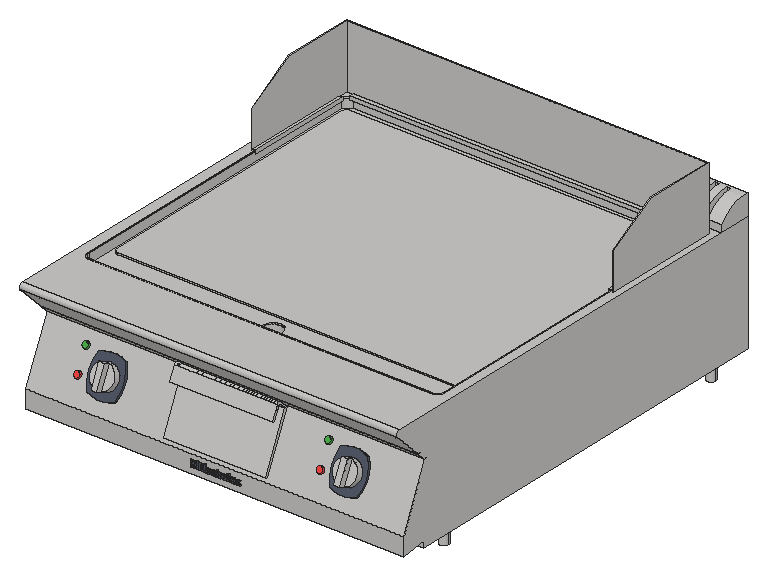
Revit family "QF_ELECTROLUXPROFESSIONAL_391399_E9IINIAOMEA", category Specialty Equipment, Revit 2018
Family settings
  Round Connector Dimension = Use Diameter
  Part Type = Normal
  Work Plane-Based = No
  Always vertical = Yes
  Cut with Voids When Loaded = No
  Shared = No
  Room Calculation Point = No
Parameters
  Width = 800 mm  # constant formula
  Weight in Pounds = 105  # constant formula
  Watts = 15000 VA  # 15000 W
  Volts = 230 V  # constant formula
  URL Cutsheet = "www.electrolux.com"
  URL = "www.electrolux.com"
  Type Mark [instance] = ""
  Status [instance] = ""
  Specification by User [instance] = ""
  Specification by Manufacturer = ""
  Show Logo [instance] = yes
  Show Clearance [instance] = yes
  Serial Number = ""
  Seismic Rating = ""
  SMACNA No = ""
  Revision Code [instance] = ""
  Phase = 3
  Omniclass Number and Title = ""
  Number of Poles [instance] = 1
  NAFEM Spec ID Number = ""
  Model = "391173"
  Min Ckt Ampacity = 0 A
  Max Overcurrent Protection = 0 A
  Masterspec = ""
  Manufacturer = "ELECTROLUX"
  Item Number [instance] = ""
  Installed By [instance] = ""
  Identify Quantity as Lot [instance] = yes
  Height = 410 mm  # constant formula
  HP = "20.1 HP"
  Furnished By [instance] = ""
  Foodservice Equipment Identifier [instance] = yes
  FL Amps = if(Phase = 3, Watts / (Volts * 1.73), Watts / Volts)  # 37.6979 A
  Electrical Remarks [instance] = "230 V/3 ph/50/60 Hz"  # constant formula
  Electric Connection Type [instance] = ""
  Elec Conn RI Height [instance] = 0 mm
  Elec Conn Connection Height [instance] = 0 mm
  Direct Waste Size = 0"
  Description = "900XP FULL MODULE ELECTRIC FRY TOP,SMOOTH HORIZONTAL PLATE, MILD STEEL -230 V"
  Depth = 930 mm  # constant formula
  Cycle = if([60 Hertz Option], 60 Hz, 50 Hz)  # 50 Hz
  Conn Plug = ""
  Conn Conduit = yes
  CSI MasterFormat = ""
  CSI Master Format = ""
  Apparent Power = if(Phase = 3, Volts * FL Amps * 1.73, Volts * FL Amps)  # 15000 VA
  60 Hertz Option = not([50 Hertz Option])  # no
  50 Hertz Option = yes
Reference planes
  plane 1 "BACK": y = 0
  plane 2: z = 0
  plane 3 "LEFT": x = 0
  plane 4 "RIGHT": x = 800
  plane 5 "FRONT": y = -930
  plane 6 "TOP": z = 275
  plane 7 "Center Y": x = 400
  plane 8 "Center X": y = -465
  plane 9: y = -1045
  plane 10: z = 24
  plane 11: z = 290
  plane 12: z = 410
  plane 13: x = 11
  plane 14: x = 789
Forms (mm)
  Extrusion 1, solid, material "QF_Finishes_Stainless Steel"
    sketch origin (0, 0, 0) x (0, 1, 0) y (0, 0, 1)
      loop
        line (0, 275) -> (-922.686, 275)
        arc (-922.686, 275) -> (-929.443, 270.485) -> (-927.858, 262.514) r 7.314
        line (-927.858, 262.514) -> (-873.907, 208.563) -> (-865.773, 208.563) -> (-865.773, 206.447) -> (-871.79, 206.447) -> (-858.907, 193.563) -> (-850.773, 193.563) -> (-850.773, 191.447) -> (-856.79, 191.447) -> (-913.146, 69.003) -> (-913.146, 30.903) -> (-859.774, 36.513) -> (-859.774, 24) -> (0, 24) -> (0, 275)
    from 0 to 800
  Extrusion 2, solid, material "QF_Finishes_Stainless Steel"
    sketch origin (0, -1, 0) x (1, 0, 0) y (0, 1, 0)
      loop
        circle (11, -82) r 9.525
      loop
        circle (11, -790) r 9.525
      loop
        circle (789, -82) r 9.525
      loop
        circle (789, -790) r 9.525
    from 0 to 24
  Extrusion 3, solid, material "QF_Finishes_Stainless Steel"
    sketch origin (635, 190.152, 275) x (0, -1, 0) y (1, 0, 0)
      loop
        line (273.542, 147.97) -> (273.542, -617.97) -> (275.13, -617.97) -> (275.13, 147.97) -> (273.542, 147.97)
    from 0 to 135
  Extrusion 4, void
    sketch origin (0, 0, 275) x (0, -1, 0) y (1, 0, 0)
      loop
        arc (92.539, 37.03) -> (96.932, 26.423) -> (107.539, 22.03) r 15
        line (107.539, 22.03) -> (777.539, 22.03)
        arc (777.539, 22.03) -> (788.145, 26.423) -> (792.539, 37.03) r 15
        line (792.539, 37.03) -> (792.539, 762.97)
        arc (792.539, 762.97) -> (788.145, 773.577) -> (777.539, 777.97) r 15
        line (777.539, 777.97) -> (107.539, 777.97)
        arc (107.539, 777.97) -> (96.932, 773.577) -> (92.539, 762.97) r 15
        line (92.539, 762.97) -> (92.539, 37.03)
    from 0 to -21.588
  Sweep 5, solid, material "QF_Finishes_Stainless Steel"
    path origin (0, 0, 0) x (1, 0, 0) y (0, 1, 0)
      loop
        line (22.03, -107.539) -> (22.03, -777.539)
        arc (22.03, -777.539) -> (26.423, -788.145) -> (37.03, -792.539) r 15
        line (37.03, -792.539) -> (762.97, -792.539)
        arc (762.97, -792.539) -> (773.577, -788.145) -> (777.97, -777.539) r 15
        line (777.97, -777.539) -> (777.97, -107.539)
        arc (777.97, -107.539) -> (773.577, -96.932) -> (762.97, -92.539) r 15
        line (762.97, -92.539) -> (37.03, -92.539)
        arc (37.03, -92.539) -> (26.423, -96.932) -> (22.03, -107.539) r 15
    profile origin (22.03, -442.539, 0) x (1, 0, 0) y (0, 0, 1)
      loop
        line (0, 255) -> (1.588, 255) -> (1.588, 272.855)
        arc (1.588, 272.855) -> (1.147, 274.189) -> (0, 275) r 2.242
        line (0, 275) -> (0, 255)
  Extrusion 6, solid, material "QF_Finishes_Stainless Steel"
    sketch origin (0, 0, 0) x (1, 0, 0) y (0, 0, 1)
      loop
        line (17.03, 275.856) -> (23.926, 275.856) -> (23.926, 270.856) -> (25.514, 270.856) -> (25.514, 277.444) -> (17.03, 277.444) -> (17.03, 275.856)
      loop
        line (782.97, 275.856) -> (782.97, 277.444) -> (774.486, 277.444) -> (774.486, 270.856) -> (776.074, 270.856) -> (776.074, 275.856) -> (782.97, 275.856)
    from 105.541 to 335.39
  Extrusion 7, solid, material "QF_Finishes_Stainless Steel"
    sketch origin (0, 0, 0) x (0, 1, 0) y (0, 0, 1)
      loop
        line (-94.126, 270.856) -> (-94.126, 275.856) -> (-84.978, 275.856) -> (-84.978, 277.444) -> (-95.714, 277.444) -> (-95.714, 270.856) -> (-94.126, 270.856)
    from 32.03 to 767.97
  Extrusion 8, solid, material "QF_Finishes_Stainless Steel"
    sketch origin (0, -101.6, 24) x (-1, 0, 0) y (0, 1, 0)
      loop
        circle (-740, -482.4) r 6.35
    from 0 to 5
  Extrusion 9, solid, material "QF_Clearances", visible <- "Show Clearance", detail levels coarse
    sketch origin (0, 0, 0) x (1, 0, 0) y (0, 1, 0)
      loop
        line (0, 0) -> (800, 0) -> (800, -930) -> (900, -930) -> (900, 100) -> (-100, 100) -> (-100, -930) -> (0, -930) -> (0, 0)
    from 0 to 410
  Extrusion 10, solid, material "QF_Finishes_Stainless Steel"
    sketch origin (0, 0, 0) x (0, 1, 0) y (0, 0, 1)
      loop
        line (-792.539, 255) -> (-792.539, 253.413) -> (-92.539, 253.413) -> (-92.539, 255) -> (-792.539, 255)
    from 22.03 to 777.97
  Extrusion 11, solid, material "QF_Finishes_Stainless Steel"
    sketch origin (408.514, 0, 0) x (0, 1, 0) y (0, 0, 1)
      loop
        line (-858.205, 188.372) -> (-874.612, 204.778)
        arc (-874.612, 204.778) -> (-879.079, 206.181) -> (-882.783, 203.316) r 5.058
        line (-882.783, 203.316) -> (-895.445, 175.806) -> (-892.561, 174.479) -> (-879.899, 201.989)
        arc (-879.899, 201.989) -> (-878.52, 203.055) -> (-876.857, 202.533) r 1.883
        line (-876.857, 202.533) -> (-862.014, 187.69) -> (-912.848, 77.245) -> (-909.964, 75.918) -> (-858.205, 188.372)
    from -117.029 to 100
  Extrusion 12, solid, material "QF_Door-Drawer Clearances", visible <- "Show Clearance", detail levels coarse
    sketch origin (408.514, 0, 0) x (0, 1, 0) y (0, 0, 1)
      loop
        line (-1024.713, 174.479) -> (-1012.051, 201.989)
        arc (-1012.051, 201.989) -> (-1010.672, 203.055) -> (-1009.009, 202.533) r 1.883
        line (-1009.009, 202.533) -> (-994.166, 187.69) -> (-1045, 77.245) -> (-1042.116, 75.918) -> (-909.964, 75.918) -> (-858.205, 188.372) -> (-874.612, 204.778)
        arc (-874.612, 204.778) -> (-875.847, 205.685) -> (-877.298, 206.181) r 5.058
        line (-877.298, 206.181) -> (-1011.231, 206.181)
        arc (-1011.231, 206.181) -> (-1013.435, 205.203) -> (-1014.935, 203.316) r 5.058
        line (-1014.935, 203.316) -> (-1027.597, 175.806) -> (-1024.713, 174.479)
    from -117.029 to 100
  Extrusion 13, void
    sketch origin (328.121, 0, 0) x (1, 0, 0) y (0, 1, 0)
      loop
        circle (71.879, -758.736) r 20
    from 235.859 to 256.719
  Extrusion 14, solid, material "QF_Finishes_Stainless Steel"
    sketch origin (0, 0, 0) x (0, 1, 0) y (0, 0, 1)
      loop
        line (-83.39, 410) -> (-235.39, 410) -> (-335.39, 352.265) -> (-335.39, 275) -> (-83.39, 275) -> (-83.39, 410)
    from 15.442 to 17.03
  Extrusion 15, solid, material "QF_Finishes_Stainless Steel"
    sketch origin (23.617, -107.539, 255) x (-1, 0, 0) y (0, 1, 0)
      loop
        arc (-18.412, -615) -> (-11.341, -612.071) -> (-8.412, -605) r 10
        line (-8.412, -605) -> (-8.412, -7.867)
        arc (-8.412, -7.867) -> (-11.341, -0.796) -> (-18.412, 2.133) r 10
        line (-18.412, 2.133) -> (-734.353, 2.133)
        arc (-734.353, 2.133) -> (-741.425, -0.796) -> (-744.353, -7.867) r 10
        line (-744.353, -7.867) -> (-744.353, -605)
        arc (-744.353, -605) -> (-741.425, -612.071) -> (-734.353, -615) r 10
        line (-734.353, -615) -> (-18.412, -615)
    from 0 to -2
  Extrusion 16, solid, material "QF_Finishes_Navy Blue"
    sketch origin (302.956, -912.449, 70.59) x (0, 0.419232, 0.907879) y (-1, 0, 0)
      loop
        arc (102.26, -332.62) -> (66.843, -325.139) -> (31.333, -332.16) r 90.355
        arc (31.333, -332.16) -> (24.504, -361.269) -> (31.333, -390.378) r 65.456
        arc (31.333, -390.378) -> (66.877, -399.452) -> (102.26, -389.765) r 71.728
        arc (102.26, -389.765) -> (108.852, -361.193) -> (102.26, -332.62) r 65.22
    from 0 to 3.175
  Extrusion 17, solid, material "QF_Finishes_Stainless Steel"
    sketch origin (504.206, -916.163, 70.121) x (0, 0.419232, 0.907879) y (-1, 0, 0)
      loop
        circle (68.826, -160.963) r 25.4
    from 0 to 12.7
  Extrusion 18, solid, material "QF_Finishes_Stainless Steel"
    sketch origin (504.206, -927.693, 75.445) x (0, 0.419232, 0.907879) y (-1, 0, 0)
      loop
        arc (93.558, -166.749) -> (94.226, -160.963) -> (93.558, -155.177) r 25.4
        line (93.558, -155.177) -> (44.094, -155.177)
        arc (44.094, -155.177) -> (43.426, -160.963) -> (44.094, -166.749) r 25.4
        line (44.094, -166.749) -> (93.558, -166.749)
    from 0 to 12.7
  Extrusion 19, solid, material "QF_Finishes_Green"
    sketch origin (316.698, -908.494, 79.155) x (0, 0.419232, 0.907879) y (-1, 0, 0)
      loop
        circle (94.749, -290.848) r 6.35
    from 0 to 3.175
  Extrusion 20, solid, material "QF_Finishes_Red"
    sketch origin (316.698, -930.457, 31.593) x (0, 0.419232, 0.907879) y (-1, 0, 0)
      loop
        circle (95.112, -290.848) r 6.35
    from 0 to 3.175
  Extrusion 21, solid, material "QF_Finishes_Stainless Steel"
    sketch origin (800, 0, 0) x (0, 1, 0) y (0, 0, -1)
      loop
        line (-83.39, -410) -> (-83.39, -275) -> (-335.39, -275) -> (-335.39, -352.265) -> (-235.39, -410) -> (-83.39, -410)
    from 15.442 to 17.03
  Extrusion 22, solid, material "QF_Finishes_Navy Blue"
    sketch origin (-212.044, -912.449, 70.59) x (0, 0.419232, 0.907879) y (-1, 0, 0)
      loop
        arc (102.26, -332.62) -> (66.843, -325.139) -> (31.333, -332.16) r 90.355
        arc (31.333, -332.16) -> (24.504, -361.269) -> (31.333, -390.378) r 65.456
        arc (31.333, -390.378) -> (66.877, -399.452) -> (102.26, -389.765) r 71.728
        arc (102.26, -389.765) -> (108.852, -361.193) -> (102.26, -332.62) r 65.22
    from 0 to 3.175
  Extrusion 23, solid, material "QF_Finishes_Stainless Steel"
    sketch origin (-10.794, -916.163, 70.121) x (0, 0.419232, 0.907879) y (-1, 0, 0)
      loop
        circle (68.826, -160.963) r 25.4
    from 0 to 12.7
  Extrusion 24, solid, material "QF_Finishes_Stainless Steel"
    sketch origin (-10.794, -927.693, 75.445) x (0, 0.419232, 0.907879) y (-1, 0, 0)
      loop
        arc (93.558, -166.749) -> (94.226, -160.963) -> (93.558, -155.177) r 25.4
        line (93.558, -155.177) -> (44.094, -155.177)
        arc (44.094, -155.177) -> (43.426, -160.963) -> (44.094, -166.749) r 25.4
        line (44.094, -166.749) -> (93.558, -166.749)
    from 0 to 12.7
  Extrusion 25, solid, material "QF_Finishes_Green"
    sketch origin (-198.302, -908.494, 79.155) x (0, 0.419232, 0.907879) y (-1, 0, 0)
      loop
        circle (94.749, -290.848) r 6.35
    from 0 to 3.175
  Extrusion 26, solid, material "QF_Finishes_Red"
    sketch origin (-198.302, -930.457, 31.593) x (0, 0.419232, 0.907879) y (-1, 0, 0)
      loop
        circle (95.112, -290.848) r 6.35
    from 0 to 3.175
  Extrusion 27, solid, material "QF_Finishes_Stainless Steel"
    sketch origin (0, 0, -10.038) x (0, 1, 0) y (0, 0, 1)
      loop
        line (0, 285.038) -> (0, 331.738)
        arc (0, 331.738) -> (-38.857, 324.552) -> (-69.85, 300.038) r 82.056
        line (-69.85, 300.038) -> (-69.85, 285.038) -> (0, 285.038)
    from 0 to 400
  Extrusion 28, void
    sketch origin (0, 0, 264.6) x (0, -1, 0) y (1, 0, 0)
      loop
        line (6.761, 29.703) -> (63.911, 29.703) -> (63.911, 38.999) -> (6.761, 38.999) -> (6.761, 29.703)
      loop
        line (63.911, 64.487) -> (6.761, 64.487) -> (6.761, 55.191) -> (63.911, 55.191) -> (63.911, 64.487)
      loop
        line (63.911, 89.975) -> (6.761, 89.975) -> (6.761, 80.68) -> (63.911, 80.68) -> (63.911, 89.975)
      loop
        line (63.911, 115.464) -> (6.761, 115.464) -> (6.761, 106.168) -> (63.911, 106.168) -> (63.911, 115.464)
      loop
        line (63.911, 140.952) -> (6.761, 140.952) -> (6.761, 131.656) -> (63.911, 131.656) -> (63.911, 140.952)
      loop
        line (63.911, 166.44) -> (6.761, 166.44) -> (6.761, 157.145) -> (63.911, 157.145) -> (63.911, 166.44)
      loop
        line (63.911, 191.929) -> (6.761, 191.929) -> (6.761, 182.633) -> (63.911, 182.633) -> (63.911, 191.929)
      loop
        line (63.911, 217.417) -> (6.761, 217.417) -> (6.761, 208.121) -> (63.911, 208.121) -> (63.911, 217.417)
      loop
        line (63.911, 242.905) -> (6.761, 242.905) -> (6.761, 233.61) -> (63.911, 233.61) -> (63.911, 242.905)
      loop
        line (63.911, 268.394) -> (6.761, 268.394) -> (6.761, 259.098) -> (63.911, 259.098) -> (63.911, 268.394)
      loop
        line (63.911, 293.882) -> (6.761, 293.882) -> (6.761, 284.586) -> (63.911, 284.586) -> (63.911, 293.882)
      loop
        line (63.911, 319.37) -> (6.761, 319.37) -> (6.761, 310.075) -> (63.911, 310.075) -> (63.911, 319.37)
      loop
        line (63.911, 344.859) -> (6.761, 344.859) -> (6.761, 335.563) -> (63.911, 335.563) -> (63.911, 344.859)
      loop
        line (63.911, 370.347) -> (6.761, 370.347) -> (6.761, 361.051) -> (63.911, 361.051) -> (63.911, 370.347)
    from 25.4 to 63.5
  Extrusion 29, solid, material "QF_Finishes_Stainless Steel"
    sketch origin (800, 0, -10.038) x (0, 1, 0) y (0, 0, -1)
      loop
        line (0, -285.038) -> (-69.85, -285.038) -> (-69.85, -300.038)
        arc (-69.85, -300.038) -> (-38.857, -324.552) -> (0, -331.738) r 82.056
        line (0, -331.738) -> (0, -285.038)
    from 0 to 400
  Extrusion 30, void
    sketch origin (800, 0, 264.6) x (0, -1, 0) y (1, 0, 0)
      loop
        line (6.761, -29.703) -> (6.761, -38.999) -> (63.911, -38.999) -> (63.911, -29.703) -> (6.761, -29.703)
      loop
        line (63.911, -64.487) -> (63.911, -55.191) -> (6.761, -55.191) -> (6.761, -64.487) -> (63.911, -64.487)
      loop
        line (63.911, -89.975) -> (63.911, -80.68) -> (6.761, -80.68) -> (6.761, -89.975) -> (63.911, -89.975)
      loop
        line (63.911, -115.464) -> (63.911, -106.168) -> (6.761, -106.168) -> (6.761, -115.464) -> (63.911, -115.464)
      loop
        line (63.911, -140.952) -> (63.911, -131.656) -> (6.761, -131.656) -> (6.761, -140.952) -> (63.911, -140.952)
      loop
        line (63.911, -166.44) -> (63.911, -157.145) -> (6.761, -157.145) -> (6.761, -166.44) -> (63.911, -166.44)
      loop
        line (63.911, -191.929) -> (63.911, -182.633) -> (6.761, -182.633) -> (6.761, -191.929) -> (63.911, -191.929)
      loop
        line (63.911, -217.417) -> (63.911, -208.121) -> (6.761, -208.121) -> (6.761, -217.417) -> (63.911, -217.417)
      loop
        line (63.911, -242.905) -> (63.911, -233.61) -> (6.761, -233.61) -> (6.761, -242.905) -> (63.911, -242.905)
      loop
        line (63.911, -268.394) -> (63.911, -259.098) -> (6.761, -259.098) -> (6.761, -268.394) -> (63.911, -268.394)
      loop
        line (63.911, -293.882) -> (63.911, -284.586) -> (6.761, -284.586) -> (6.761, -293.882) -> (63.911, -293.882)
      loop
        line (63.911, -319.37) -> (63.911, -310.075) -> (6.761, -310.075) -> (6.761, -319.37) -> (63.911, -319.37)
      loop
        line (63.911, -344.859) -> (63.911, -335.563) -> (6.761, -335.563) -> (6.761, -344.859) -> (63.911, -344.859)
      loop
        line (63.911, -370.347) -> (63.911, -361.051) -> (6.761, -361.051) -> (6.761, -370.347) -> (63.911, -370.347)
    from 25.4 to 63.5
  Extrusion 31, solid, material "QF_Finishes_Navy Blue", visible <- "Show Logo"
    sketch origin (204.371, -913.146, 30.903) x (0, 0, 1) y (-1, 0, 0)
      loop
        line (27.024, -154.438) -> (14.657, -154.438)
        arc (14.657, -154.438) -> (20.841, -159.009) -> (27.024, -154.438) r 6.467
      loop
        arc (27.024, -153.809) -> (25.855, -148.666) -> (21.199, -146.188) r 6.338
        line (21.199, -146.188) -> (21.199, -148.234)
        arc (21.199, -148.234) -> (22.683, -151.889) -> (26.128, -153.809) r 5.941
        line (26.128, -153.809) -> (27.024, -153.809)
      loop
        arc (15.553, -153.809) -> (18.998, -151.889) -> (20.482, -148.234) r 5.941
        line (20.482, -148.234) -> (20.482, -146.188)
        arc (20.482, -146.188) -> (15.788, -148.662) -> (14.498, -153.809) r 6.504
        line (14.498, -153.809) -> (15.553, -153.809)
      loop
        line (27.699, -145.719) -> (13.954, -145.719) -> (13.954, -159.482) -> (27.699, -159.482) -> (27.699, -145.719)
      loop
        arc (27.782, -162.449) -> (27.435, -162.092) -> (27.068, -162.43) r 0.358
        arc (27.068, -162.43) -> (26.754, -163.18) -> (26.037, -163.565) r 1.216
        line (26.037, -163.565) -> (15.624, -163.565)
        arc (15.624, -163.565) -> (14.964, -163.287) -> (14.568, -162.691) r 1.238
        arc (14.568, -162.691) -> (14.173, -162.44) -> (13.868, -162.794) r 0.358
        line (13.868, -162.794) -> (13.868, -172.673) -> (16.619, -172.673) -> (16.619, -171.776)
        arc (16.619, -171.776) -> (15.71, -171.196) -> (15.254, -170.219) r 1.928
        line (15.254, -170.219) -> (15.254, -167.719)
        arc (15.254, -167.719) -> (15.53, -166.991) -> (16.218, -166.627) r 1.101
        line (16.218, -166.627) -> (20.305, -166.627) -> (20.305, -170.3)
        arc (20.305, -170.3) -> (19.952, -170.797) -> (19.387, -171.025) r 1.083
        arc (19.387, -171.025) -> (19.123, -171.331) -> (19.415, -171.609) r 0.292
        line (19.415, -171.609) -> (22.378, -171.609)
        arc (22.378, -171.609) -> (22.68, -171.336) -> (22.442, -171.006) r 0.305
        arc (22.442, -171.006) -> (21.951, -170.758) -> (21.646, -170.3) r 1.083
        line (21.646, -170.3) -> (21.646, -166.627) -> (26.323, -166.627) -> (26.323, -170.374)
        arc (26.323, -170.374) -> (26.109, -171.13) -> (25.503, -171.628) r 1.314
        arc (25.503, -171.628) -> (25.284, -172.032) -> (25.638, -172.324) r 0.361
        line (25.638, -172.324) -> (27.782, -172.324) -> (27.782, -162.449)
      loop
        arc (27.065, -173.105) -> (26.685, -174.023) -> (25.766, -174.404) r 1.299
        line (25.766, -174.404) -> (16.187, -174.404)
        arc (16.187, -174.404) -> (15.349, -174.026) -> (15.078, -173.148) r 1.118
        line (15.078, -173.148) -> (13.868, -173.148) -> (13.868, -178.498) -> (15.056, -178.498)
        arc (15.056, -178.498) -> (15.328, -177.581) -> (16.198, -177.185) r 1.153
        line (16.198, -177.185) -> (28.27, -177.185) -> (27.065, -173.105)
      loop
        line (18.833, -181.134) -> (18.833, -187.581) -> (19.632, -187.581)
        arc (19.632, -187.581) -> (22.212, -186.597) -> (23.481, -184.143) r 3.874
        line (23.481, -184.143) -> (23.481, -182.383)
        arc (23.481, -182.383) -> (22.294, -179.518) -> (19.43, -178.332) r 4.051
        line (19.43, -178.332) -> (17.422, -178.332)
        arc (17.422, -178.332) -> (14.603, -179.816) -> (13.552, -182.824) r 4.352
        arc (13.552, -182.824) -> (13.916, -185.287) -> (15.293, -187.361) r 5.713
        line (15.293, -187.361) -> (16.242, -187.361)
        arc (16.242, -187.361) -> (15.51, -185.792) -> (15.293, -184.074) r 5.579
        arc (15.293, -184.074) -> (16.087, -182.111) -> (17.966, -181.134) r 3.057
        line (17.966, -181.134) -> (18.833, -181.134)
      loop
        line (20.092, -181.134) -> (20.092, -184.716)
        arc (20.092, -184.716) -> (21.549, -184.763) -> (22.432, -183.604) r 1.59
        line (22.432, -183.604) -> (22.432, -182.774)
        arc (22.432, -182.774) -> (21.567, -181.519) -> (20.092, -181.134) r 2.184
      loop
        arc (22.883, -196.999) -> (23.372, -195.325) -> (23.529, -193.588) r 9.023
        line (23.529, -193.588) -> (23.529, -192.225)
        arc (23.529, -192.225) -> (22.37, -189.426) -> (19.57, -188.266) r 3.959
        line (19.57, -188.266) -> (16.97, -188.266)
        arc (16.97, -188.266) -> (14.688, -189.559) -> (13.571, -191.932) r 4.331
        line (13.571, -191.932) -> (13.571, -194.067)
        arc (13.571, -194.067) -> (14.079, -195.617) -> (15.001, -196.963) r 5.772
        arc (15.001, -196.963) -> (15.762, -197.014) -> (15.849, -196.255) r 0.553
        arc (15.849, -196.255) -> (15.461, -195.521) -> (15.327, -194.702) r 2.573
        line (15.327, -194.702) -> (15.327, -193.187)
        arc (15.327, -193.187) -> (16.333, -191.545) -> (18.148, -190.903) r 2.884
        line (18.148, -190.903) -> (19.427, -190.903)
        arc (19.427, -190.903) -> (21.248, -191.463) -> (22.174, -193.128) r 2.554
        line (22.174, -193.128) -> (22.174, -194.181)
        arc (22.174, -194.181) -> (21.843, -195.109) -> (21.186, -195.844) r 2.564
        arc (21.186, -195.844) -> (20.964, -196.561) -> (21.573, -196.999) r 0.643
        line (21.573, -196.999) -> (22.883, -196.999)
      loop
        line (21.865, -197.269) -> (21.865, -198.77) -> (15.817, -198.77)
        arc (15.817, -198.77) -> (14.229, -199.428) -> (13.571, -201.016) r 2.246
        line (13.571, -201.016) -> (13.571, -202.6)
        arc (13.571, -202.6) -> (13.885, -203.464) -> (14.385, -204.236) r 4.06
        arc (14.385, -204.236) -> (15.118, -204.369) -> (15.369, -203.668) r 0.576
        arc (15.369, -203.668) -> (15.263, -203.142) -> (15.327, -202.61) r 1.69
        arc (15.327, -202.61) -> (15.869, -201.822) -> (16.775, -201.519) r 1.506
        line (16.775, -201.519) -> (21.913, -201.519) -> (21.913, -203.916) -> (22.469, -204.472) -> (23.291, -204.472) -> (23.291, -201.612) -> (26.522, -201.612) -> (21.865, -197.269)
      loop
        line (13.788, -205.37) -> (13.788, -210.757) -> (14.898, -210.757)
        arc (14.898, -210.757) -> (15.292, -209.806) -> (16.243, -209.412) r 1.345
        line (16.243, -209.412) -> (19.859, -209.412)
        arc (19.859, -209.412) -> (20.624, -210.003) -> (20.914, -210.926) r 1.615
        line (20.914, -210.926) -> (20.914, -212.482) -> (23.469, -213.167) -> (23.469, -211.784) -> (21.527, -209.225) -> (23.407, -209.225) -> (23.123, -206.519)
        arc (23.123, -206.519) -> (22.683, -205.989) -> (22.024, -206.19) r 0.621
        arc (22.024, -206.19) -> (21.624, -206.532) -> (21.13, -206.715) r 1.501
        line (21.13, -206.715) -> (16.243, -206.715)
        arc (16.243, -206.715) -> (15.292, -206.321) -> (14.898, -205.37) r 1.345
        line (14.898, -205.37) -> (13.788, -205.37)
      loop
        line (19.89, -212.704) -> (17.198, -212.704)
        arc (17.198, -212.704) -> (14.753, -214.012) -> (13.619, -216.542) r 4.288
        arc (13.619, -216.542) -> (13.555, -217.923) -> (13.619, -219.303) r 15.022
        arc (13.619, -219.303) -> (14.753, -221.833) -> (17.198, -223.141) r 4.288
        line (17.198, -223.141) -> (19.89, -223.141)
        arc (19.89, -223.141) -> (22.336, -221.833) -> (23.469, -219.303) r 4.288
        arc (23.469, -219.303) -> (23.533, -217.923) -> (23.469, -216.542) r 15.022
        arc (23.469, -216.542) -> (22.336, -214.012) -> (19.89, -212.704) r 4.288
      loop
        line (20.095, -215.818) -> (16.993, -215.818)
        arc (16.993, -215.818) -> (14.836, -217.975) -> (16.993, -220.132) r 2.157
        line (16.993, -220.132) -> (20.095, -220.132)
        arc (20.095, -220.132) -> (22.252, -217.975) -> (20.095, -215.818) r 2.157
      loop
        arc (27.076, -222.999) -> (26.705, -223.893) -> (25.811, -224.264) r 1.264
        line (25.811, -224.264) -> (15.947, -224.264)
        arc (15.947, -224.264) -> (15.077, -223.867) -> (14.805, -222.951) r 1.153
        line (14.805, -222.951) -> (13.868, -222.951) -> (13.868, -228.059) -> (14.796, -228.059)
        arc (14.796, -228.059) -> (15.155, -227.287) -> (15.947, -226.972) r 1.153
        line (15.947, -226.972) -> (28.27, -226.972) -> (27.076, -222.999)
      loop
        arc (22.196, -227.596) -> (21.997, -228.661) -> (21.028, -229.143) r 1.215
        line (21.028, -229.143) -> (16.008, -229.143)
        arc (16.008, -229.143) -> (14.393, -229.79) -> (13.672, -231.373) r 2.338
        line (13.672, -231.373) -> (13.672, -232.888)
        arc (13.672, -232.888) -> (13.847, -233.892) -> (14.349, -234.778) r 2.979
        line (14.349, -234.778) -> (13.868, -236.574) -> (13.868, -238.263) -> (23.293, -238.263) -> (22.999, -234.06) -> (22.213, -234.06)
        arc (22.213, -234.06) -> (21.857, -234.896) -> (21.105, -235.405) r 1.605
        line (21.105, -235.405) -> (16.002, -235.405)
        arc (16.002, -235.405) -> (15.582, -234.468) -> (15.509, -233.444) r 2.94
        arc (15.509, -233.444) -> (16.07, -232.343) -> (17.223, -231.9) r 1.724
        line (17.223, -231.9) -> (23.42, -231.9) -> (22.196, -227.596)
      loop
        line (23.224, -239.117) -> (21.552, -241.163) -> (18.378, -243.469) -> (14.922, -240.357)
        arc (14.922, -240.357) -> (14.685, -239.963) -> (14.707, -239.504) r 0.789
        line (14.707, -239.504) -> (13.868, -239.504) -> (13.868, -243.049) -> (14.694, -243.049)
        arc (14.694, -243.049) -> (15.036, -242.687) -> (15.526, -242.779) r 0.52
        line (15.526, -242.779) -> (17.326, -244.25) -> (15.208, -245.625)
        arc (15.208, -245.625) -> (14.807, -245.315) -> (14.72, -244.816) r 0.7
        line (14.72, -244.816) -> (13.868, -244.816) -> (13.868, -250.743) -> (14.755, -250.743)
        arc (14.755, -250.743) -> (14.822, -250.084) -> (15.216, -249.552) r 1.247
        line (15.216, -249.552) -> (19.416, -246.271) -> (21.863, -248.325) -> (23.224, -250.067) -> (23.224, -246.343) -> (21.739, -246.766) -> (20.218, -245.489) -> (21.918, -244.299) -> (23.224, -245.075) -> (23.224, -239.117)
    from 0 to 1.644
Cuts and joins
  Extrusion 4, Extrusion 13 cuts Extrusion 1
  Extrusion 13 cuts Extrusion 10
  joined: Extrusion 3, Extrusion 14, Extrusion 21
  Extrusion 28, Extrusion 30 cuts Extrusion 27
  Extrusion 30 cuts Extrusion 29
Lines and regions (mm)
  symbolic lines, style "QF_Clearances", visible <- "Show Clearance", detail levels coarse
    curve 1: line (900, -930, 0) -> (900, 100, 0)
    curve 2: line (900, 100, 0) -> (-100, 100, 0)
    curve 3: line (-100, 100, 0) -> (-100, -930, 0)
  symbolic lines
    curve 4: line (0, -930, 0) -> (800, -930, 0)
    curve 5: line (800, -930, 0) -> (800, 0, 0)
    curve 6: line (800, 0, 0) -> (0, 0, 0)
    curve 7: line (0, 0, 0) -> (0, -930, 0)
    curve 8: line (762.97, -792.539, 0) -> (37.03, -792.539, 0)
    curve 9: arc (37.03, -792.539, 0) -> (26.423, -788.145, 0) -> (22.03, -777.539, 0) r 15
    curve 10: line (22.03, -777.539, 0) -> (22.03, -335.39, 0)
    curve 11: arc (22.163, -105.541, 0) -> (25.387, -98.081, 0) -> (32.03, -93.397, 0) r 15
    curve 12: arc (767.97, -93.397, 0) -> (774.613, -98.081, 0) -> (777.837, -105.541, 0) r 15
    curve 13: line (777.97, -335.39, 0) -> (777.97, -777.539, 0)
    curve 14: arc (777.97, -777.539, 0) -> (773.577, -788.145, 0) -> (762.97, -792.539, 0) r 15
    curve 15: line (757.97, -722.539, 0) -> (42.03, -722.539, 0)
    curve 16: arc (42.03, -722.539, 0) -> (34.958, -719.61, 0) -> (32.03, -712.539, 0) r 10
    curve 17: line (32.03, -712.539, 0) -> (32.03, -115.406, 0)
    curve 18: arc (32.03, -115.406, 0) -> (34.958, -108.335, 0) -> (42.03, -105.406, 0) r 10
    curve 19: line (42.03, -105.406, 0) -> (757.97, -105.406, 0)
    curve 20: arc (757.97, -105.406, 0) -> (765.042, -108.335, 0) -> (767.97, -115.406, 0) r 10
    curve 21: line (767.97, -115.406, 0) -> (767.97, -712.539, 0)
    curve 22: arc (767.97, -712.539, 0) -> (765.042, -719.61, 0) -> (757.97, -722.539, 0) r 10
    curve 23: line (15.442, -83.39, 0) -> (15.442, -335.39, 0)
    curve 24: line (784.558, -83.39, 0) -> (15.442, -83.39, 0)
    curve 25: line (784.558, -335.39, 0) -> (784.558, -83.39, 0)
    curve 26: line (767.97, -95.714, 0) -> (767.97, -83.39, 0)
    curve 27: line (32.03, -95.714, 0) -> (767.97, -95.714, 0)
    curve 28: line (32.03, -83.39, 0) -> (32.03, -95.714, 0)
    curve 29: line (784.558, -105.541, 0) -> (774.486, -105.541, 0)
    curve 30: line (25.514, -335.39, 0) -> (25.514, -105.541, 0)
    curve 31: line (15.442, -335.39, 0) -> (25.514, -335.39, 0)
    curve 32: line (774.486, -105.541, 0) -> (774.486, -335.39, 0)
    curve 33: line (774.486, -335.39, 0) -> (784.558, -335.39, 0)
    curve 34: line (25.514, -105.541, 0) -> (15.442, -105.541, 0)
    curve 35: line (38.999, -6.761, 0) -> (38.999, -63.911, 0)
    curve 36: line (38.999, -63.911, 0) -> (29.703, -63.911, 0)
    curve 37: line (29.703, -63.911, 0) -> (29.703, -6.761, 0)
    curve 38: line (29.703, -6.761, 0) -> (38.999, -6.761, 0)
    curve 39: line (55.191, -63.911, 0) -> (55.191, -6.761, 0)
    curve 40: line (55.191, -6.761, 0) -> (64.487, -6.761, 0)
    curve 41: line (64.487, -6.761, 0) -> (64.487, -63.911, 0)
    curve 42: line (64.487, -63.911, 0) -> (55.191, -63.911, 0)
    curve 43: line (89.975, -6.761, 0) -> (89.975, -63.911, 0)
    curve 44: line (89.975, -63.911, 0) -> (80.68, -63.911, 0)
    curve 45: line (80.68, -63.911, 0) -> (80.68, -6.761, 0)
    curve 46: line (80.68, -6.761, 0) -> (89.975, -6.761, 0)
    curve 47: line (115.464, -6.761, 0) -> (115.464, -63.911, 0)
    curve 48: line (115.464, -63.911, 0) -> (106.168, -63.911, 0)
    curve 49: line (106.168, -63.911, 0) -> (106.168, -6.761, 0)
    curve 50: line (106.168, -6.761, 0) -> (115.464, -6.761, 0)
    curve 51: line (140.952, -6.761, 0) -> (140.952, -63.911, 0)
    curve 52: line (140.952, -63.911, 0) -> (131.656, -63.911, 0)
    curve 53: line (131.656, -63.911, 0) -> (131.656, -6.761, 0)
    curve 54: line (131.656, -6.761, 0) -> (140.952, -6.761, 0)
    curve 55: line (166.44, -6.761, 0) -> (166.44, -63.911, 0)
    curve 56: line (166.44, -63.911, 0) -> (157.145, -63.911, 0)
    curve 57: line (157.145, -63.911, 0) -> (157.145, -6.761, 0)
    curve 58: line (157.145, -6.761, 0) -> (166.44, -6.761, 0)
    curve 59: line (191.929, -6.761, 0) -> (191.929, -63.911, 0)
    curve 60: line (191.929, -63.911, 0) -> (182.633, -63.911, 0)
    curve 61: line (182.633, -63.911, 0) -> (182.633, -6.761, 0)
    curve 62: line (182.633, -6.761, 0) -> (191.929, -6.761, 0)
    curve 63: line (208.121, -63.911, 0) -> (208.121, -6.761, 0)
    curve 64: line (208.121, -6.761, 0) -> (217.417, -6.761, 0)
    curve 65: line (217.417, -6.761, 0) -> (217.417, -63.911, 0)
    curve 66: line (217.417, -63.911, 0) -> (208.121, -63.911, 0)
    curve 67: line (767.97, -83.39, 0) -> (767.97, -95.714, 0)
    curve 68: line (361.001, -6.761, 0) -> (361.001, -63.911, 0)
    curve 69: line (361.001, -63.911, 0) -> (370.297, -63.911, 0)
    curve 70: line (370.297, -63.911, 0) -> (370.297, -6.761, 0)
    curve 71: line (370.297, -6.761, 0) -> (361.001, -6.761, 0)
    curve 72: line (344.809, -63.911, 0) -> (344.809, -6.761, 0)
    curve 73: line (344.809, -6.761, 0) -> (335.513, -6.761, 0)
    curve 74: line (335.513, -6.761, 0) -> (335.513, -63.911, 0)
    curve 75: line (335.513, -63.911, 0) -> (344.809, -63.911, 0)
    curve 76: line (310.025, -6.761, 0) -> (310.025, -63.911, 0)
    curve 77: line (310.025, -63.911, 0) -> (319.32, -63.911, 0)
    curve 78: line (319.32, -63.911, 0) -> (319.32, -6.761, 0)
    curve 79: line (319.32, -6.761, 0) -> (310.025, -6.761, 0)
    curve 80: line (284.536, -6.761, 0) -> (284.536, -63.911, 0)
    curve 81: line (284.536, -63.911, 0) -> (293.832, -63.911, 0)
    curve 82: line (293.832, -63.911, 0) -> (293.832, -6.761, 0)
    curve 83: line (293.832, -6.761, 0) -> (284.536, -6.761, 0)
    curve 84: line (259.048, -6.761, 0) -> (259.048, -63.911, 0)
    curve 85: line (259.048, -63.911, 0) -> (268.344, -63.911, 0)
    curve 86: line (268.344, -63.911, 0) -> (268.344, -6.761, 0)
    curve 87: line (268.344, -6.761, 0) -> (259.048, -6.761, 0)
    curve 88: line (233.56, -6.761, 0) -> (233.56, -63.911, 0)
    curve 89: line (233.56, -63.911, 0) -> (242.855, -63.911, 0)
    curve 90: line (242.855, -63.911, 0) -> (242.855, -6.761, 0)
    curve 91: line (242.855, -6.761, 0) -> (233.56, -6.761, 0)
    curve 92: arc (380, -758.736, 0) -> (400, -738.736, 0) -> (420, -758.736, 0) r 20
    curve 93: arc (380, -758.736, 0) -> (400, -778.736, 0) -> (420, -758.736, 0) r 20
    curve 94: arc (777.837, -105.541, 0) -> (774.613, -98.081, 0) -> (767.97, -93.397, 0) r 15
    curve 95: arc (767.97, -115.406, 0) -> (765.042, -108.335, 0) -> (757.97, -105.406, 0) r 10
    curve 96: line (767.97, -83.39, 0) -> (767.97, -95.714, 0)
    curve 97: line (761.001, -6.761, 0) -> (761.001, -63.911, 0)
    curve 98: line (761.001, -63.911, 0) -> (770.297, -63.911, 0)
    curve 99: line (770.297, -63.911, 0) -> (770.297, -6.761, 0)
    curve 100: line (770.297, -6.761, 0) -> (761.001, -6.761, 0)
    curve 101: line (744.809, -63.911, 0) -> (744.809, -6.761, 0)
    curve 102: line (744.809, -6.761, 0) -> (735.513, -6.761, 0)
    curve 103: line (735.513, -6.761, 0) -> (735.513, -63.911, 0)
    curve 104: line (735.513, -63.911, 0) -> (744.809, -63.911, 0)
    curve 105: line (710.025, -6.761, 0) -> (710.025, -63.911, 0)
    curve 106: line (710.025, -63.911, 0) -> (719.32, -63.911, 0)
    curve 107: line (719.32, -63.911, 0) -> (719.32, -6.761, 0)
    curve 108: line (719.32, -6.761, 0) -> (710.025, -6.761, 0)
    curve 109: line (684.536, -6.761, 0) -> (684.536, -63.911, 0)
    curve 110: line (684.536, -63.911, 0) -> (693.832, -63.911, 0)
    curve 111: line (693.832, -63.911, 0) -> (693.832, -6.761, 0)
    curve 112: line (693.832, -6.761, 0) -> (684.536, -6.761, 0)
    curve 113: line (659.048, -6.761, 0) -> (659.048, -63.911, 0)
    curve 114: line (659.048, -63.911, 0) -> (668.344, -63.911, 0)
    curve 115: line (668.344, -63.911, 0) -> (668.344, -6.761, 0)
    curve 116: line (668.344, -6.761, 0) -> (659.048, -6.761, 0)
    curve 117: line (633.56, -6.761, 0) -> (633.56, -63.911, 0)
    curve 118: line (633.56, -63.911, 0) -> (642.855, -63.911, 0)
    curve 119: line (642.855, -63.911, 0) -> (642.855, -6.761, 0)
    curve 120: line (642.855, -6.761, 0) -> (633.56, -6.761, 0)
    curve 121: line (608.071, -6.761, 0) -> (608.071, -63.911, 0)
    curve 122: line (608.071, -63.911, 0) -> (617.367, -63.911, 0)
    curve 123: line (617.367, -63.911, 0) -> (617.367, -6.761, 0)
    curve 124: line (617.367, -6.761, 0) -> (608.071, -6.761, 0)
    curve 125: line (591.879, -63.911, 0) -> (591.879, -6.761, 0)
    curve 126: line (591.879, -6.761, 0) -> (582.583, -6.761, 0)
    curve 127: line (582.583, -6.761, 0) -> (582.583, -63.911, 0)
    curve 128: line (582.583, -63.911, 0) -> (591.879, -63.911, 0)
    curve 129: line (438.999, -6.761, 0) -> (438.999, -63.911, 0)
    curve 130: line (438.999, -63.911, 0) -> (429.703, -63.911, 0)
    curve 131: line (429.703, -63.911, 0) -> (429.703, -6.761, 0)
    curve 132: line (429.703, -6.761, 0) -> (438.999, -6.761, 0)
    curve 133: line (455.191, -63.911, 0) -> (455.191, -6.761, 0)
    curve 134: line (455.191, -6.761, 0) -> (464.487, -6.761, 0)
    curve 135: line (464.487, -6.761, 0) -> (464.487, -63.911, 0)
    curve 136: line (464.487, -63.911, 0) -> (455.191, -63.911, 0)
    curve 137: line (489.975, -6.761, 0) -> (489.975, -63.911, 0)
    curve 138: line (489.975, -63.911, 0) -> (480.68, -63.911, 0)
    curve 139: line (480.68, -63.911, 0) -> (480.68, -6.761, 0)
    curve 140: line (480.68, -6.761, 0) -> (489.975, -6.761, 0)
    curve 141: line (515.464, -6.761, 0) -> (515.464, -63.911, 0)
    curve 142: line (515.464, -63.911, 0) -> (506.168, -63.911, 0)
    curve 143: line (506.168, -63.911, 0) -> (506.168, -6.761, 0)
    curve 144: line (506.168, -6.761, 0) -> (515.464, -6.761, 0)
    curve 145: line (540.952, -6.761, 0) -> (540.952, -63.911, 0)
    curve 146: line (540.952, -63.911, 0) -> (531.656, -63.911, 0)
    curve 147: line (531.656, -63.911, 0) -> (531.656, -6.761, 0)
    curve 148: line (531.656, -6.761, 0) -> (540.952, -6.761, 0)
    curve 149: line (566.44, -6.761, 0) -> (566.44, -63.911, 0)
    curve 150: line (566.44, -63.911, 0) -> (557.145, -63.911, 0)
    curve 151: line (557.145, -63.911, 0) -> (557.145, -6.761, 0)
    curve 152: line (557.145, -6.761, 0) -> (566.44, -6.761, 0)
  symbolic lines, style "QF_Door-Drawer Clearances"
    curve 153: line (291.486, -1045, 0) -> (291.486, -930, 0)
    curve 154: line (291.486, -1045, 0) -> (508.514, -1045, 0)
    curve 155: line (508.514, -930, 0) -> (508.514, -1045, 0)
Dimensions and locks
  equal spacing: plane 3 "LEFT", plane 7 "Center Y", plane 4 "RIGHT"
  "Width": plane 3 "LEFT" to plane 4 "RIGHT"
  equal spacing: plane 5 "FRONT", plane 8 "Center X", plane 1 "BACK"
  "Depth": plane 5 "FRONT" to plane 1 "BACK"
  plane 6 "TOP" to level = 275 mm
  plane 1 "BACK" to plane 9 = 1045 mm  (x2)
  plane 10 to level = 24 mm  (x2)
  plane 11 to plane 10 = 266 mm
  plane 6 "TOP" to plane 10 = 251 mm
  plane 12 to level = 410 mm
  plane 12 to plane 10 = 386 mm
  plane 13 to plane 3 "LEFT" = 11 mm
  locked: plane 14 to plane 4 "RIGHT" at 11
  plane 1 "BACK" to plane 5 "FRONT" = 930 mm
  "Height": plane 12 to level
  Extrusion 8 to plane 10 = 5 mm
  plane 1 "BACK" to Extrusion 8 = 584 mm
  plane 1 "BACK" to Extrusion 2 to Extrusion 2 to plane 5 "FRONT" = 83 mm, 708 mm, 139 mm
  plane 13 to plane 14 = 778 mm
  Extrusion 8 sketch curve to plane 4 "RIGHT" = 60 mm
  Extrusion 8 sketch curve to plane 1 "BACK" = 584 mm
  aligned and locked: level to plane 2
  aligned and locked: Extrusion 1 to plane 4 "RIGHT"
Automatic sketch dimensions
  Extrusion 1 sketch curve to plane 6 "TOP" = 0 mm
  Extrusion 1 sketch curve to plane 10 = 0 mm
  Extrusion 1 sketch curve to plane 1 "BACK" = 0 mm
  Extrusion 1 sketch curve to plane 5 "FRONT" = 79.227 mm
  Extrusion 1 sketch curve to Extrusion 1 sketch curve = 6.017 mm  (x2)
  Extrusion 1 sketch curve to Extrusion 1 sketch curve = 2.117 mm  (x4)
  plane 10 to Extrusion 1 sketch curve = 12.513 mm
  Extrusion 1 sketch curve to plane 5 "FRONT" = 70.226 mm
  Extrusion 1 sketch curve to Extrusion 1 sketch curve = 6.866 mm
  Extrusion 1 sketch curve to plane 5 "FRONT" = 16.854 mm
  Extrusion 1 sketch curve to plane 5 "FRONT" = 7.314 mm
  Extrusion 1 sketch curve to plane 5 "FRONT" = 2.142 mm
  plane 10 to Extrusion 1 sketch curve = 6.903 mm
  Extrusion 1 sketch curve to Extrusion 1 sketch curve = 38.1 mm
  Extrusion 1 sketch curve to plane 6 "TOP" = 83.553 mm
  Extrusion 1 sketch curve to Extrusion 1 sketch curve = 12.883 mm
  Extrusion 1 sketch curve to plane 6 "TOP" = 12.486 mm
  Extrusion 2 sketch curve to plane 13 = 0 mm  (x2)
  Extrusion 2 sketch curve to plane 14 = 0 mm  (x2)
  Extrusion 2 sketch curve to plane 5 "FRONT" = 139 mm  (x2)
  plane 1 "BACK" to Extrusion 2 sketch curve = 83 mm  (x2)
  Extrusion 1 to Extrusion 3 sketch curve = 17.03 mm  (x2)
  Extrusion 1 to Extrusion 3 sketch curve = 83.39 mm
  Extrusion 3 sketch curve to Extrusion 3 sketch curve = 1.588 mm
  Extrusion 1 to Extrusion 4 sketch curve = 37.03 mm
  Extrusion 1 to Extrusion 4 sketch curve = 92.539 mm
  Extrusion 4 sketch curve to Extrusion 4 sketch curve = 15 mm  (x3)
  Extrusion 1 to Extrusion 4 sketch curve = 145.147 mm  (x2)
  Extrusion 1 to Extrusion 4 sketch curve = 22.03 mm
  plane 13 to Sweep 5 sketch curve = 11.03 mm
  Sweep 5 sketch curve to Sweep 5 sketch curve = 15 mm  (x2)
  plane 14 to Sweep 5 sketch curve = 26.03 mm  (x2)
  plane 14 to Sweep 5 sketch curve = 11.03 mm
  Sweep 5 sketch curve to plane 5 "FRONT" = 137.461 mm
  plane 1 "BACK" to Sweep 5 sketch curve = 107.539 mm
  profile plane to Sweep 5 sketch curve = 0 mm
  profile plane to Sweep 5 sketch curve = 0.655 mm
  Sweep 5 sketch curve to profile plane = 1.588 mm
  level to Sweep 5 sketch curve = 255 mm
  Sweep 5 sketch curve to Sweep 5 sketch curve = 17.855 mm
  plane 6 "TOP" to Extrusion 6 sketch curve = 0.856 mm  (x2)
  plane 13 to Extrusion 6 sketch curve = 6.03 mm
  Extrusion 6 sketch curve to plane 6 "TOP" = 4.144 mm  (x2)
  Extrusion 6 sketch curve to Extrusion 6 sketch curve = 6.896 mm
  Extrusion 6 sketch curve to Extrusion 6 sketch curve = 1.588 mm  (x3)
  plane 14 to Extrusion 6 sketch curve = 14.514 mm
  plane 6 "TOP" to Extrusion 6 sketch curve = 2.444 mm
  plane 14 to Extrusion 6 sketch curve = 6.03 mm
  plane 6 "TOP" to Extrusion 7 sketch curve = 2.444 mm
  plane 1 "BACK" to Extrusion 7 sketch curve = 95.714 mm
  Extrusion 7 sketch curve to Extrusion 7 sketch curve = 1.588 mm
  Extrusion 7 sketch curve to Extrusion 7 sketch curve = 9.149 mm
  plane 6 "TOP" to Extrusion 7 sketch curve = 0.856 mm
  Extrusion 7 sketch curve to plane 6 "TOP" = 4.144 mm
  plane 5 "FRONT" to Extrusion 9 sketch curve = 0 mm  (x2)
  Extrusion 9 sketch curve to plane 3 "LEFT" = 0 mm
  Extrusion 9 sketch curve to plane 4 "RIGHT" = 0 mm
  plane 1 "BACK" to Extrusion 9 sketch curve = 0 mm
  Extrusion 9 sketch curve to plane 3 "LEFT" = 100 mm
  Extrusion 9 sketch curve to plane 4 "RIGHT" = 100 mm
  Extrusion 9 sketch curve to plane 1 "BACK" = 100 mm
  Extrusion 10 sketch curve to plane 6 "TOP" = 21.587 mm
  Extrusion 10 sketch curve to plane 5 "FRONT" = 137.461 mm
  plane 1 "BACK" to Extrusion 10 sketch curve = 92.539 mm
  Extrusion 10 sketch curve to Extrusion 10 sketch curve = 1.588 mm
  Extrusion 11 sketch curve to Extrusion 11 sketch curve = 0 mm  (x2)
  Extrusion 11 sketch curve to plane 5 "FRONT" = 17.152 mm
  Extrusion 11 sketch curve to Extrusion 11 sketch curve = 2.884 mm  (x3)
  Extrusion 11 sketch curve to plane 5 "FRONT" = 34.555 mm
  Extrusion 11 sketch curve to Extrusion 11 sketch curve = 12.662 mm
  Extrusion 11 sketch curve to Extrusion 11 sketch curve = 1.711 mm
  Extrusion 11 sketch curve to Extrusion 11 sketch curve = 1.332 mm
  Extrusion 11 sketch curve to Extrusion 11 sketch curve = 2.245 mm
  Extrusion 11 sketch curve to Extrusion 11 sketch curve = 14.843 mm
  Extrusion 11 sketch curve to Extrusion 11 sketch curve = 3.809 mm
  plane 10 to Extrusion 11 sketch curve = 51.918 mm
  Extrusion 11 sketch curve to Extrusion 11 sketch curve = 1.327 mm  (x2)
  Extrusion 11 sketch curve to Extrusion 11 sketch curve = 13.211 mm
  Extrusion 11 sketch curve to Extrusion 11 sketch curve = 0.787 mm
  Extrusion 12 sketch curve to Extrusion 12 sketch curve = 0 mm  (x2)
  Extrusion 12 sketch curve to plane 9 = 0 mm
  plane 9 to Extrusion 12 sketch curve = 2.884 mm
  plane 9 to Extrusion 12 sketch curve = 17.403 mm
  Extrusion 12 sketch curve to Extrusion 12 sketch curve = 2.884 mm  (x2)
  plane 9 to Extrusion 12 sketch curve = 30.065 mm
  Extrusion 12 sketch curve to Extrusion 12 sketch curve = 0.82 mm
  Extrusion 12 sketch curve to Extrusion 12 sketch curve = 1.711 mm
  Extrusion 12 sketch curve to Extrusion 12 sketch curve = 1.332 mm
  Extrusion 12 sketch curve to Extrusion 12 sketch curve = 14.843 mm
  Extrusion 12 sketch curve to plane 5 "FRONT" = 20.036 mm
  Extrusion 12 sketch curve to plane 5 "FRONT" = 51.812 mm
  Extrusion 12 sketch curve to Extrusion 12 sketch curve = 0.891 mm
  Extrusion 12 sketch curve to Extrusion 12 sketch curve = 2.686 mm
  Extrusion 12 sketch curve to Extrusion 12 sketch curve = 16.406 mm
  plane 10 to Extrusion 12 sketch curve = 51.918 mm
  Extrusion 12 sketch curve to Extrusion 12 sketch curve = 1.327 mm  (x2)
  Extrusion 12 sketch curve to Extrusion 12 sketch curve = 13.211 mm
  Extrusion 12 sketch curve to plane 6 "TOP" = 86.628 mm
  Extrusion 12 sketch curve to Extrusion 12 sketch curve = 0.787 mm
  Extrusion 12 sketch curve to Extrusion 12 sketch curve = 4.979 mm
  Extrusion 13 sketch curve to plane 7 "Center Y" = 0 mm
  Extrusion 13 sketch curve to plane 5 "FRONT" = 171.264 mm
  Extrusion 14 sketch curve to plane 6 "TOP" = 0 mm
  Extrusion 14 sketch curve to plane 12 = 0 mm
  Extrusion 14 sketch curve to plane 12 = 57.735 mm
  plane 8 "Center X" to Extrusion 14 sketch curve = 129.61 mm
  Extrusion 14 sketch curve to Extrusion 14 sketch curve = 100 mm
  plane 1 "BACK" to Extrusion 14 sketch curve = 83.39 mm
  Sweep 5 to Extrusion 15 sketch curve = 8.412 mm
  Extrusion 15 sketch curve to Extrusion 15 sketch curve = 10 mm  (x2)
  Sweep 5 to Extrusion 15 sketch curve = 18.412 mm
  Sweep 5 to Extrusion 15 sketch curve = 18.413 mm
  Sweep 5 to Extrusion 15 sketch curve = 8.413 mm
  Sweep 5 to Extrusion 15 sketch curve = 11.28 mm
  Sweep 5 to Extrusion 15 sketch curve = 78.412 mm
  plane 14 to Extrusion 16 sketch curve = 153.884 mm
  Extrusion 16 sketch curve to Extrusion 16 sketch curve = 0 mm
  Extrusion 16 sketch curve to Extrusion 16 sketch curve = 12.3 mm  (x3)
  Extrusion 16 sketch curve to Extrusion 16 sketch curve = 34.925 mm  (x2)
  Extrusion 16 sketch curve to Extrusion 16 sketch curve = 23.703 mm
  Extrusion 16 sketch curve to Extrusion 16 sketch curve = 0.46 mm
  Extrusion 16 sketch curve to Extrusion 16 sketch curve = 29.032 mm
  Extrusion 16 sketch curve to Extrusion 16 sketch curve = 28.496 mm
  Extrusion 18 sketch curve to Extrusion 18 sketch curve = 24.732 mm
  Extrusion 18 sketch curve to Extrusion 18 sketch curve = 0 mm
  plane 14 to Extrusion 19 sketch curve = 181.454 mm
  plane 14 to Extrusion 20 sketch curve = 181.454 mm
  Extrusion 21 sketch curve to plane 6 "TOP" = 0 mm
  Extrusion 21 sketch curve to plane 12 = 0 mm
  Extrusion 21 sketch curve to plane 12 = 57.735 mm
  plane 8 "Center X" to Extrusion 21 sketch curve = 129.61 mm
  Extrusion 21 sketch curve to Extrusion 21 sketch curve = 100 mm
  plane 1 "BACK" to Extrusion 21 sketch curve = 83.39 mm
  plane 13 to Extrusion 22 sketch curve = 109.116 mm
  Extrusion 22 sketch curve to Extrusion 22 sketch curve = 0 mm
  Extrusion 22 sketch curve to Extrusion 22 sketch curve = 12.3 mm  (x3)
  Extrusion 22 sketch curve to Extrusion 22 sketch curve = 34.925 mm  (x2)
  Extrusion 22 sketch curve to Extrusion 22 sketch curve = 23.703 mm
  Extrusion 22 sketch curve to Extrusion 22 sketch curve = 0.46 mm
  Extrusion 22 sketch curve to Extrusion 22 sketch curve = 29.032 mm
  Extrusion 22 sketch curve to Extrusion 22 sketch curve = 28.496 mm
  Extrusion 24 sketch curve to Extrusion 24 sketch curve = 24.732 mm
  Extrusion 24 sketch curve to Extrusion 24 sketch curve = 0 mm
  plane 13 to Extrusion 25 sketch curve = 81.546 mm
  plane 13 to Extrusion 26 sketch curve = 81.546 mm
  Extrusion 27 sketch curve to plane 6 "TOP" = 0 mm
  Extrusion 27 sketch curve to plane 11 = 0 mm
  Extrusion 27 sketch curve to plane 1 "BACK" = 0 mm
  plane 1 "BACK" to Extrusion 27 sketch curve = 4.947 mm
  plane 1 "BACK" to Extrusion 27 sketch curve = 69.85 mm
  Extrusion 27 sketch curve to plane 6 "TOP" = 35.207 mm
  plane 1 "BACK" to Extrusion 28 sketch curve = 6.761 mm  (x14)
  Extrusion 28 sketch curve to Extrusion 28 sketch curve = 57.15 mm
  Extrusion 28 sketch curve to Extrusion 28 sketch curve = 0 mm  (x13)
  plane 13 to Extrusion 28 sketch curve = 18.703 mm
  Extrusion 28 sketch curve to Extrusion 28 sketch curve = 9.296 mm  (x14)
  Extrusion 28 sketch curve to Extrusion 28 sketch curve = 16.193 mm  (x13)
  Extrusion 29 sketch curve to plane 6 "TOP" = 0 mm
  Extrusion 29 sketch curve to plane 11 = 0 mm
  Extrusion 29 sketch curve to plane 1 "BACK" = 0 mm
  plane 1 "BACK" to Extrusion 29 sketch curve = 4.947 mm
  plane 1 "BACK" to Extrusion 29 sketch curve = 69.85 mm
  Extrusion 29 sketch curve to Extrusion 29 sketch curve = 46.7 mm
  plane 1 "BACK" to Extrusion 30 sketch curve = 6.761 mm  (x14)
  Extrusion 30 sketch curve to Extrusion 30 sketch curve = 57.15 mm
  Extrusion 30 sketch curve to Extrusion 30 sketch curve = 0 mm  (x13)
  plane 7 "Center Y" to Extrusion 30 sketch curve = 29.653 mm
  Extrusion 30 sketch curve to Extrusion 30 sketch curve = 9.296 mm  (x14)
  Extrusion 30 sketch curve to Extrusion 30 sketch curve = 16.193 mm  (x13)
  plane 10 to Extrusion 31 sketch curve = 15.413 mm
  plane 10 to Extrusion 31 sketch curve = 20.454 mm
  plane 7 "Center Y" to Extrusion 31 sketch curve = 6.971 mm
  Extrusion 31 sketch curve to Extrusion 31 sketch curve = 5.06 mm
  Extrusion 31 sketch curve to plane 7 "Center Y" = 3.697 mm
  Extrusion 31 sketch curve to Extrusion 31 sketch curve = 0 mm  (x28)
  Extrusion 31 sketch curve to Extrusion 31 sketch curve = 5.108 mm  (x2)
  Extrusion 31 sketch curve to Extrusion 31 sketch curve = 0.054 mm
  Extrusion 31 sketch curve to Extrusion 31 sketch curve = 0.218 mm
  Extrusion 31 sketch curve to Extrusion 31 sketch curve = 0.195 mm
  Extrusion 31 sketch curve to Extrusion 31 sketch curve = 0.249 mm
  Extrusion 31 sketch curve to Extrusion 31 sketch curve = 0.316 mm
  Extrusion 31 sketch curve to Extrusion 31 sketch curve = 0.087 mm
  Extrusion 31 sketch curve to Extrusion 31 sketch curve = 0.358 mm
  Extrusion 31 sketch curve to Extrusion 31 sketch curve = 0.481 mm
  Extrusion 31 sketch curve to Extrusion 31 sketch curve = 0.597 mm
  Extrusion 31 sketch curve to Extrusion 31 sketch curve = 0.544 mm
  Extrusion 31 sketch curve to Extrusion 31 sketch curve = 0.936 mm
  Extrusion 31 sketch curve to Extrusion 31 sketch curve = 0.594 mm
  Extrusion 31 sketch curve to Extrusion 31 sketch curve = 0.343 mm
  Extrusion 31 sketch curve to Extrusion 31 sketch curve = 0.159 mm
  Extrusion 31 sketch curve to Extrusion 31 sketch curve = 0.826 mm
  Extrusion 31 sketch curve to Extrusion 31 sketch curve = 0.839 mm
  Extrusion 31 sketch curve to Extrusion 31 sketch curve = 0.852 mm
  Extrusion 31 sketch curve to Extrusion 31 sketch curve = 0.887 mm
  Extrusion 31 sketch curve to Extrusion 31 sketch curve = 0.928 mm
  Extrusion 31 sketch curve to Extrusion 31 sketch curve = 0.938 mm
  Extrusion 31 sketch curve to Extrusion 31 sketch curve = 0.444 mm
  Extrusion 31 sketch curve to Extrusion 31 sketch curve = 1.11 mm  (x3)
  Extrusion 31 sketch curve to Extrusion 31 sketch curve = 0.215 mm
  plane 7 "Center Y" to Extrusion 31 sketch curve = 1.334 mm
  Extrusion 31 sketch curve to Extrusion 31 sketch curve = 1.43 mm
  Extrusion 31 sketch curve to Extrusion 31 sketch curve = 1.188 mm
  Extrusion 31 sketch curve to Extrusion 31 sketch curve = 1.21 mm  (x2)
  Extrusion 31 sketch curve to Extrusion 31 sketch curve = 0.503 mm
  Extrusion 31 sketch curve to Extrusion 31 sketch curve = 0.488 mm
  Extrusion 31 sketch curve to Extrusion 31 sketch curve = 0.462 mm
  Extrusion 31 sketch curve to Extrusion 31 sketch curve = 1.386 mm
  Extrusion 31 sketch curve to Extrusion 31 sketch curve = 1.742 mm  (x2)
  Extrusion 31 sketch curve to Extrusion 31 sketch curve = 0.821 mm
  Extrusion 31 sketch curve to Extrusion 31 sketch curve = 0.497 mm
  Extrusion 31 sketch curve to Extrusion 31 sketch curve = 0.539 mm
  Extrusion 31 sketch curve to Extrusion 31 sketch curve = 0.199 mm
  Extrusion 31 sketch curve to Extrusion 31 sketch curve = 0.408 mm
  Extrusion 31 sketch curve to Extrusion 31 sketch curve = 0.743 mm
  Extrusion 31 sketch curve to Extrusion 31 sketch curve = 1.16 mm
  Extrusion 31 sketch curve to Extrusion 31 sketch curve = 0.329 mm
  Extrusion 31 sketch curve to Extrusion 31 sketch curve = 1.054 mm
  Extrusion 31 sketch curve to Extrusion 31 sketch curve = 1.056 mm
  Extrusion 31 sketch curve to Extrusion 31 sketch curve = 0.129 mm
  Extrusion 31 sketch curve to Extrusion 31 sketch curve = 0.489 mm
  Extrusion 31 sketch curve to Extrusion 31 sketch curve = 0.441 mm
  Extrusion 31 sketch curve to Extrusion 31 sketch curve = 1.151 mm
  Extrusion 31 sketch curve to Extrusion 31 sketch curve = 1.141 mm  (x2)
  Extrusion 31 sketch curve to Extrusion 31 sketch curve = 0.768 mm
  Extrusion 31 sketch curve to Extrusion 31 sketch curve = 1.653 mm
  Extrusion 31 sketch curve to Extrusion 31 sketch curve = 0.499 mm
  Extrusion 31 sketch curve to Extrusion 31 sketch curve = 0.964 mm
  Extrusion 31 sketch curve to Extrusion 31 sketch curve = 0.949 mm
  Extrusion 31 sketch curve to Extrusion 31 sketch curve = 1.345 mm  (x2)
  Extrusion 31 sketch curve to Extrusion 31 sketch curve = 1.101 mm
  Extrusion 31 sketch curve to Extrusion 31 sketch curve = 0.432 mm
  Extrusion 31 sketch curve to Extrusion 31 sketch curve = 1.142 mm
  Extrusion 31 sketch curve to Extrusion 31 sketch curve = 0.959 mm
  Extrusion 31 sketch curve to Extrusion 31 sketch curve = 0.176 mm
  Extrusion 31 sketch curve to Extrusion 31 sketch curve = 0.728 mm
  Extrusion 31 sketch curve to Extrusion 31 sketch curve = 3.375 mm  (x2)
  Extrusion 31 sketch curve to Extrusion 31 sketch curve = 0.541 mm
  Extrusion 31 sketch curve to Extrusion 31 sketch curve = 0.955 mm
  Extrusion 31 sketch curve to Extrusion 31 sketch curve = 1.251 mm
  Extrusion 31 sketch curve to Extrusion 31 sketch curve = 0.572 mm
  Extrusion 31 sketch curve to Extrusion 31 sketch curve = 1.92 mm
  Extrusion 31 sketch curve to Extrusion 31 sketch curve = 1.224 mm
  Extrusion 31 sketch curve to Extrusion 31 sketch curve = 0.745 mm
  Extrusion 31 sketch curve to Extrusion 31 sketch curve = 2.537 mm
  Extrusion 31 sketch curve to Extrusion 31 sketch curve = 0.896 mm  (x3)
  Extrusion 31 sketch curve to plane 7 "Center Y" = 0.927 mm
  Extrusion 31 sketch curve to Extrusion 31 sketch curve = 2.607 mm
  Extrusion 31 sketch curve to Extrusion 31 sketch curve = 0.066 mm
  Extrusion 31 sketch curve to Extrusion 31 sketch curve = 0.248 mm
  Extrusion 31 sketch curve to Extrusion 31 sketch curve = 0.449 mm
  Extrusion 31 sketch curve to Extrusion 31 sketch curve = 1.052 mm
  Extrusion 31 sketch curve to Extrusion 31 sketch curve = 1.863 mm
  Extrusion 31 sketch curve to Extrusion 31 sketch curve = 1.31 mm  (x2)
  Extrusion 31 sketch curve to Extrusion 31 sketch curve = 0.901 mm
  Extrusion 31 sketch curve to Extrusion 31 sketch curve = 1.107 mm
  Extrusion 31 sketch curve to Extrusion 31 sketch curve = 2.122 mm
  Extrusion 31 sketch curve to Extrusion 31 sketch curve = 2.101 mm
  Extrusion 31 sketch curve to Extrusion 31 sketch curve = 0.106 mm
  Extrusion 31 sketch curve to Extrusion 31 sketch curve = 0.029 mm
  Extrusion 31 sketch curve to Extrusion 31 sketch curve = 2.09 mm
  Extrusion 31 sketch curve to Extrusion 31 sketch curve = 1.279 mm
  Extrusion 31 sketch curve to Extrusion 31 sketch curve = 2.008 mm
  Extrusion 31 sketch curve to Extrusion 31 sketch curve = 0.738 mm
  Extrusion 31 sketch curve to Extrusion 31 sketch curve = 0.382 mm
  Extrusion 31 sketch curve to Extrusion 31 sketch curve = 0.384 mm
  Extrusion 31 sketch curve to Extrusion 31 sketch curve = 0.002 mm
  Extrusion 31 sketch curve to Extrusion 31 sketch curve = 0.561 mm
  Extrusion 31 sketch curve to Extrusion 31 sketch curve = 0.592 mm
  Extrusion 31 sketch curve to Extrusion 31 sketch curve = 2.692 mm
  Extrusion 31 sketch curve to Extrusion 31 sketch curve = 1.259 mm
  Extrusion 31 sketch curve to Extrusion 31 sketch curve = 0.802 mm
  Extrusion 31 sketch curve to Extrusion 31 sketch curve = 1.024 mm  (x2)
  Extrusion 31 sketch curve to Extrusion 31 sketch curve = 0.682 mm
  Extrusion 31 sketch curve to Extrusion 31 sketch curve = 5.934 mm
